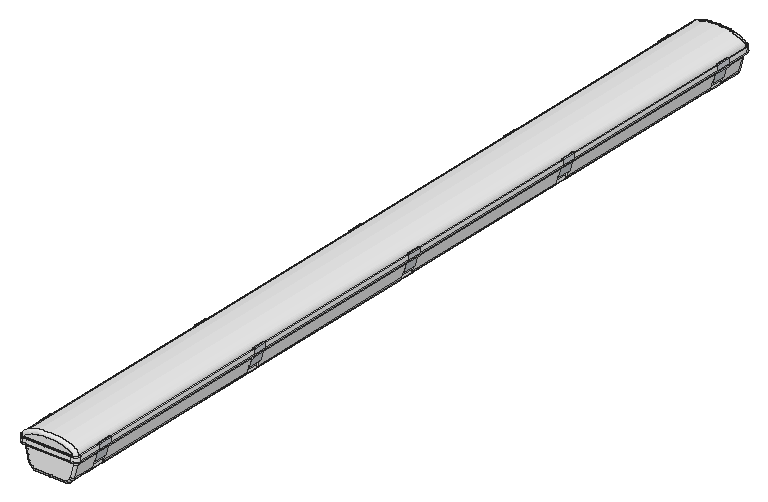
Revit family "0048730", category Lighting Fixtures, host Face, Revit 2017
Family settings
  Host = Face
  Round Connector Dimension = Use Diameter
  Part Type = Normal
  OmniClass Number = 23.80.70.11.14
  OmniClass Title = General Luminaries, Directional
  Cut with Voids When Loaded = No
  Light Source = Yes
  Shared = No
  Room Calculation Point = No
Parameters (values of type "0048730 SYLPRF SUP LED G3 1500MM T 4K E3 SSH01 Emergency mode")
  Width = 110 mm
  Weight = "2.6 kg"
  Wattage Comments = "n/a"
  Wattage = 1.48148 W
  WarrantyStartDate [instance] = "n/a"
  WarrantyGuarantorParts = "n/a"
  WarrantyDurationUnit = "n/a"
  WarrantyDurationParts = "n/a"
  WarrantyDescription = "n/a"
  built-in parameter 1150110 = 1 (stored number, unit not read)
  Voltage = 230 V
  URL = "http://www.sylvania-lighting.com"
  TypeName = "SYLPRF SUP LED G3 1500MM T 4K E3 SSH01"
  Type Image = <None>
  Type Comments = "n/a"
  built-in parameter 1114217 = 1 (stored number, unit not read)
  Tilt Angle = -90.00°
  built-in parameter 1150109 = 1 (stored number, unit not read)
  built-in parameter 1150134 = 12
  built-in parameter 1150113 = 1 (stored number, unit not read)
  SerialNumber [instance] = "n/a"
  ReflectorMaterial = none
  PowerFactor = 0
  PowerConsumption = "1.48 W"
  Photometric Web File = "0048730EM.ies"
  NominalWidth = 0 mm
  NominalLength = 1578 mm
  NominalHeight = 78 mm
  Name = "SYLPRF SUP LED G3 1500MM T 4K E3 SSH01"
  ModelReference = "SYLPRF SUP LED G3 1500MM T 4K E3 SSH01"
  ModelNumber = "0048730"
  Model = "SYLPRF SUP LED G3 1500MM T 4K E3 SSH01"
  Material = "polycarbonate housing, polycarbonate diffuser"
  ManufacturerName = "Feilo Sylvania"
  Manufacturer = "Feilo Sylvania"
  LuminousEfficacy = "135 lm/W"
  built-in parameter 1150105 = 15.915 (stored number, unit not read)
  Lumens = 200 lm
  LuminaireType = ""
  built-in parameter 1150115 = 1 (stored number, unit not read)
  LightOutputRatio = "n/a"
  built-in parameter 1150137 = (empty or 0)
  built-in parameter 1150139 = (empty or 0)
  Length = 1572 mm
  LampsType = Lamp  # "LED"
  LampNominalLuminous = "200 lm"
  LampMacAdamStep = "3"
  LampColourTemperature = "4000 K"
  LampColourRenderingIndex = "80"
  built-in parameter 1150112 = 1 (stored number, unit not read)
  built-in parameter 1150114 = 1 (stored number, unit not read)
  Lamp = "LED"
  Keynote = "16500"
  InstallationDate [instance] = "n/a"
  InputVoltage = "220-240V~"
  InputNominalFrequency = "50/60 Hz"
  built-in parameter 1150132 = (empty or 0)
  built-in parameter 1150102 = (empty or 0)
  built-in parameter 1150107 = 4000 (stored number, unit not read)
  built-in parameter 1150138 = (empty or 0)
  IngressProtection = "IP65"
  ImpactProtectionIndex = "IK08"
  built-in parameter 1150106 = 0.15915 (stored number, unit not read)
  IfcExportType = "IfcLightFixtureType"
  IfcExportAs = "IfcLightFixtureType"
  ExpectedLife = 50000
  Emit from Rectangle Width = Width - 20 mm  # 90 mm
  Emit from Rectangle Length = Length - 20 mm  # 1552 mm
  Emit Shape Visible in Rendering = no
  ElectricShockClassification = "Class I"
  built-in parameter 1150104 = 12.542 (stored number, unit not read)
  DurationUnit = "hours"
  DocumentationLiterature = "http://www.sylvania-lighting.com/product/en-int/products/0048730"
  DimmingControlOptions = "Non dimmable"
  Dimming Lamp Color Temperature Shift = <None>
  DiffuserMaterial = Diffuser-Sylvania-Transparent
  Description = "Sylproof Superia, integrated LED weatherproof luminaire, with UV stabilized flat diffuser and linear prisms designed to achieve uniform lit appearance, optimise light output and to reduce glare, stainless steel diffuser clips and fixing brackets for surface and wall mounting. L 1578 mm x W 110 mm x H 78 mm size, Polycarbonate housing, Polycarbonate diffuser, Non dimmable,   3 hour emergency, 4000K, CRI80,  6700 lm, 49 W, 135 lm/W, nominal average life (h):50000, energy class: A++ A+ A Class I,IK08, IP65."
  Default Elevation = 1219.2 mm
  CreatedOn = "3/27/2018"
  CreatedBy = "aron.fodor@feilosylvania.com"
  Cost = 0
  Color Filter = 16777215
  built-in parameter 1114216 [instance] = (empty or 0)
  ClassificationValue = "EF_70_80"
  ClassificationName = "Uniclass2015"
  BodyMaterial = Body-Sylvania-Gray
  BarCode [instance] = "n/a"
  built-in parameter 1114218 = 1 (stored number, unit not read)
  built-in parameter 1150133 = 10 (stored number, unit not read)
  AssetType = "Fixed"
  AssetIdentifier [instance] = "n/a"
  Assembly Code = "D5020200"
  Apparent Load = 1.48148 VA
  AccessoryMaterial = Diffuser-Sylvania-Glow
Types (2, lengths in mm): name | Wattage | PowerConsumption | Photometric Web File | LuminousEfficacy | built-in parameter 1150105 | Lumens | LampNominalLuminous | built-in parameter 1150106 | built-in parameter 1150104 | Apparent Load
  0048730 SYLPRF SUP LED G3 1500MM T 4K E3 SSH01 Emergency mode | 1.48148 W | "1.48 W" | "0048730EM.ies" | "135 lm/W" | 15.915 (stored number, unit not read) | 200 lm | "200 lm" | 0.15915 (stored number, unit not read) | 12.542 (stored number, unit not read) | 1.48148 VA
  0048730 SYLPRF SUP LED G3 1500MM T 4K E3 SSH01 | 51 W | "51 W" | "0048730.ies" | "133.33 lm/W" | 541.13 (stored number, unit not read) | 6800 lm | "6800 lm" | 5.4113 (stored number, unit not read) | 12.387 (stored number, unit not read) | 51 VA
Reference planes
  plane 1 "Center (Front/Back)": y = 0
  plane 2: z = 0
  plane 3 "Center (Left/Right)": x = 0
  plane 4: z = 54
  plane 5: x = -27.7
  plane 6: x = -34.8
  plane 7: x = -39.6
  plane 8: x = -42.2
  plane 9: z = 3
  plane 10: z = 7.8
  plane 11: z = 12.3
  plane 12: z = 36.6
  plane 13: z = 42.8
  plane 14: x = -51.1
  plane 15: z = 46.2
  plane 16: x = -55
  plane 17: y = 786
  plane 18: y = -786
  plane 19: x = 27.7
  plane 20: x = 34.8
  plane 21: x = 39.6
  plane 22: x = 42.2
  plane 23: x = 51.1
  plane 24: x = 55
  plane 25: y = 778.4
  plane 26: y = -778.4
  plane 27: y = -774.7
  plane 28: y = 774.7
  plane 29: z = 74
  plane 30: x = -51.5
  plane 31: x = 51.5
  plane 32: z = 55.2
  plane 33: y = -782.5
  plane 34: y = 782.5
  plane 35: x = -37.5
  plane 36: x = 37.5
  plane 37: x = -48.7
  plane 38: x = 48.7
  plane 39: x = 18
  plane 40: x = -18
  plane 41: z = 50.2
  plane 42: z = 24.6
  plane 43: y = 720
  plane 44: y = 706
  plane 45: y = 734
  plane 46: y = -720
  plane 47: y = 720
  plane 48: y = 706
  plane 49: y = 734
  plane 50: y = -720
  plane 51: y = -734
  plane 52: y = -706
  plane 53: y = 360
  plane 54: y = 346
  plane 55: y = 374
  plane 56: y = 0
  plane 57: y = -14
  plane 58: y = 14
  plane 59: y = -360
  plane 60: y = -374
  plane 61: y = -346
Forms (mm)
  Sweep 1, solid, material "Body-Sylvania-Gray" <- "BodyMaterial", detail levels medium+fine
    path origin (1223.4, -4572, 54) x (0, -1, 0) y (1, 0, 0)
      loop
        arc (-3796, -1278.4) -> (-3788.929, -1275.471) -> (-3786, -1268.4) r 10
        line (-3786, -1268.4) -> (-3786, -1178.4)
        arc (-3786, -1178.4) -> (-3788.929, -1171.329) -> (-3796, -1168.4) r 10
        line (-3796, -1168.4) -> (-5348, -1168.4)
        arc (-5348, -1168.4) -> (-5355.071, -1171.329) -> (-5358, -1178.4) r 10
        line (-5358, -1178.4) -> (-5358, -1268.4)
        arc (-5358, -1268.4) -> (-5355.071, -1275.471) -> (-5348, -1278.4) r 10
        line (-5348, -1278.4) -> (-3796, -1278.4)
    profile origin (-55, 0, 54) x (-1, 0, 0) y (0, 0, 1)
      loop
        line (0, 0) -> (-1, 0) -> (-1, -7.726)
        arc (-1, -7.726) -> (-1.994, -9.498) -> (-3.9, -10.2) r 2.937
        line (-3.9, -10.2) -> (-8.571, -10.2) -> (-8.571, -11.2) -> (-3.9, -11.2)
        arc (-3.9, -11.2) -> (-1.313, -10.231) -> (0, -7.8) r 3.937
        line (0, -7.8) -> (0, 0)
  Sweep 2, solid, material "Body-Sylvania-Gray" <- "BodyMaterial", detail levels medium+fine
    path origin (0, 0, 0) x (1, 0, 0) y (0, 0, 1)
      loop
        line (48.7, 42.8) -> (48.7, 36.6) -> (42.203, 12.31)
        arc (42.203, 12.31) -> (41.199, 9.884) -> (39.6, 7.8) r 10.052
        line (39.6, 7.8) -> (34.8, 3)
        arc (34.8, 3) -> (31.554, 0.781) -> (27.7, 0) r 9.902
        line (27.7, 0) -> (0, 0) -> (-27.7, 0)
        arc (-27.7, 0) -> (-31.554, 0.781) -> (-34.8, 3) r 9.902
        line (-34.8, 3) -> (-39.6, 7.8)
        arc (-39.6, 7.8) -> (-41.199, 9.884) -> (-42.203, 12.31) r 10.052
        line (-42.203, 12.31) -> (-48.7, 36.6) -> (-48.7, 42.8)
    profile origin (0, 0, 0) x (0, 0, -1) y (0, -1, 0)
      loop
        arc (0, 773.4) -> (-1.464, 776.936) -> (-5, 778.4) r 5
        line (-5, 778.4) -> (-7.8, 778.4) -> (-7.8, -778.4) -> (-5, -778.4)
        arc (-5, -778.4) -> (-1.464, -776.936) -> (0, -773.4) r 5
        line (0, -773.4) -> (0, 773.4)
  Extrusion 3, solid, material "Body-Sylvania-Gray" <- "BodyMaterial", detail levels medium+fine
    sketch origin (1524, 778.4, 1219.2) x (1, 0, 0) y (0, 0, 1)
      loop
        arc (-1558.668, -1204.874) -> (-1558.443, -1205.418) -> (-1558.085, -1205.885) r 2.252
        line (-1558.085, -1205.885) -> (-1553.231, -1210.738)
        arc (-1553.231, -1210.738) -> (-1552.534, -1211.227) -> (-1551.7, -1211.4) r 2.102
        line (-1551.7, -1211.4) -> (-1496.3, -1211.4)
        arc (-1496.3, -1211.4) -> (-1495.466, -1211.227) -> (-1494.769, -1210.738) r 2.102
        line (-1494.769, -1210.738) -> (-1489.915, -1205.885)
        arc (-1489.915, -1205.885) -> (-1489.557, -1205.418) -> (-1489.332, -1204.874) r 2.252
        line (-1489.332, -1204.874) -> (-1483.1, -1181.575) -> (-1483.1, -1176.4) -> (-1564.9, -1176.4) -> (-1564.9, -1181.575) -> (-1558.668, -1204.874)
    from 0 to 1556.8
  Sweep 4, solid, material "Diffuser-Sylvania-Transparent" <- "DiffuserMaterial", detail levels medium+fine
    path origin (0, 0, 0) x (1, 0, 0) y (0, 0, 1)
      loop
        spline (-51.5, 55.2) -> (-49.745, 60.066) -> (-44.6, 64.6) -> (-36.416, 68.494) -> (-25.75, 71.481) -> (-13.329, 73.359) -> (0, 74) -> (13.329, 73.359) -> (25.75, 71.481) -> (36.416, 68.494) -> (44.6, 64.6) -> (49.745, 60.066) -> (51.5, 55.2)
    profile origin (51.5, 0, 55.2) x (0, -1, 0) y (1, 0, 0)
      loop
        arc (782.5, -5.5) -> (780.889, -1.611) -> (777, 0) r 5.5
        line (777, 0) -> (-777, 0)
        arc (-777, 0) -> (-780.889, -1.611) -> (-782.5, -5.5) r 5.5
        line (-782.5, -5.5) -> (-782.5, -6.3) -> (-781.5, -6.3) -> (-781.5, -5.5)
        arc (-781.5, -5.5) -> (-780.182, -2.318) -> (-777, -1) r 4.5
        line (-777, -1) -> (777, -1)
        arc (777, -1) -> (780.182, -2.318) -> (781.5, -5.5) r 4.5
        line (781.5, -5.5) -> (781.5, -6.347) -> (782.5, -6.347) -> (782.5, -5.5)
  Extrusion 5, solid, material "Diffuser-Sylvania-Transparent" <- "DiffuserMaterial", detail levels medium+fine
    sketch origin (1524, -782.5, 1219.2) x (1, 0, 0) y (0, 0, 1)
      loop
        line (-1569.653, -1164) -> (-1478.347, -1164)
        spline (-1478.347, -1164) -> (-1478.969, -1162.594) -> (-1482.527, -1159.545) -> (-1489.588, -1156.201) -> (-1499.458, -1153.445) -> (-1511.242, -1151.663) -> (-1524, -1151.049) -> (-1536.758, -1151.663) -> (-1548.542, -1153.445) -> (-1558.412, -1156.201) -> (-1565.473, -1159.545) -> (-1569.031, -1162.594) -> (-1569.653, -1164)
    from 0 to -1
  Extrusion 6, solid, material "Diffuser-Sylvania-Transparent" <- "DiffuserMaterial", detail levels medium+fine
    sketch origin (1524, 782.5, 1219.2) x (1, 0, 0) y (0, 0, 1)
      loop
        spline (-1478.3, -1164) -> (-1478.931, -1162.565) -> (-1482.502, -1159.505) -> (-1489.572, -1156.155) -> (-1499.446, -1153.394) -> (-1511.236, -1151.614) -> (-1524, -1151.007) -> (-1536.764, -1151.614) -> (-1548.554, -1153.394) -> (-1558.428, -1156.155) -> (-1565.498, -1159.505) -> (-1569.069, -1162.565) -> (-1569.7, -1164)
        line (-1569.7, -1164) -> (-1478.3, -1164)
    from 0 to 1
  Extrusion 7, solid, material "Diffuser-Sylvania-Transparent" <- "DiffuserMaterial", detail levels medium+fine
    sketch origin (1223.4, -4572, 55.2) x (0, -1, 0) y (-1, 0, 0)
      loop
        arc (-5353.5, 1177.4) -> (-5352.182, 1174.218) -> (-5349, 1172.9) r 4.5
        line (-5349, 1172.9) -> (-3795, 1172.9)
        arc (-3795, 1172.9) -> (-3791.818, 1174.218) -> (-3790.5, 1177.4) r 4.5
        line (-3790.5, 1177.4) -> (-3790.5, 1269.4)
        arc (-3790.5, 1269.4) -> (-3791.818, 1272.582) -> (-3795, 1273.9) r 4.5
        line (-3795, 1273.9) -> (-5349, 1273.9)
        arc (-5349, 1273.9) -> (-5352.182, 1272.582) -> (-5353.5, 1269.4) r 4.5
        line (-5353.5, 1269.4) -> (-5353.5, 1177.4)
      loop
        line (-5358, 1268.4) -> (-5358, 1178.4)
        arc (-5358, 1178.4) -> (-5355.071, 1171.329) -> (-5348, 1168.4) r 10
        line (-5348, 1168.4) -> (-3796, 1168.4)
        arc (-3796, 1168.4) -> (-3788.929, 1171.329) -> (-3786, 1178.4) r 10
        line (-3786, 1178.4) -> (-3786, 1268.4)
        arc (-3786, 1268.4) -> (-3788.929, 1275.471) -> (-3796, 1278.4) r 10
        line (-3796, 1278.4) -> (-5348, 1278.4)
        arc (-5348, 1278.4) -> (-5355.071, 1275.471) -> (-5358, 1268.4) r 10
    from 0 to 1.2
  Extrusion 8, solid, material "Diffuser-Sylvania-Glow" <- "AccessoryMaterial", detail levels fine
    sketch origin (0, 0, 0) x (1, 0, 0) y (0, 0, 1)
      loop
        circle (-18, 50.2) r 8
      loop
        circle (18, 50.2) r 8
    from -774.7 to 774.7
  Extrusion 9, void
    sketch origin (0, 720, 2343.807) x (0, 0, -1) y (-1, 0, 0)
      loop
        line (2340.807, -37.5) -> (2331.507, -37.5) -> (2319.207, -42.2) -> (2319.207, -48.7) -> (2340.807, -48.7) -> (2340.807, -37.5)
      loop
        line (2340.807, 37.5) -> (2340.807, 48.7) -> (2319.207, 48.7) -> (2319.207, 42.2) -> (2331.507, 37.5) -> (2340.807, 37.5)
    from -14 to 14
  Extrusion 10, solid, material "Body-Sylvania-Gray" <- "BodyMaterial", detail levels coarse
    sketch origin (0, 0, 0) x (1, 0, 0) y (0, 0, 1)
      loop
        line (55, 42.8) -> (55, 55.2) -> (-55, 55.2) -> (-55, 42.791) -> (-42.2, 0) -> (42.2, 0) -> (55, 42.8)
    from -786 to 786
  Extrusion 11, solid, material "Diffuser-Sylvania-Transparent" <- "DiffuserMaterial", detail levels coarse
    sketch origin (0, 0, 0) x (1, 0, 0) y (0, 0, 1)
      loop
        arc (51.5, 55.2) -> (0, 74) -> (-51.5, 55.2) r 79.939
        line (-51.5, 55.2) -> (51.5, 55.2)
    from 778.4 to -778.4
  Extrusion 12, void, not visible
    sketch origin (0, 720, 2343.807) x (0, 0, -1) y (-1, 0, 0)
      loop
        line (2340.807, -37.5) -> (2331.507, -37.5) -> (2319.207, -42.2) -> (2319.207, -48.7) -> (2340.807, -48.7) -> (2340.807, -37.5)
      loop
        line (2340.807, 37.5) -> (2340.807, 48.7) -> (2319.207, 48.7) -> (2319.207, 42.2) -> (2331.507, 37.5) -> (2340.807, 37.5)
    from -14 to 14
  Extrusion 13, void
    sketch origin (0, -720, 2343.807) x (0, 0, -1) y (-1, 0, 0)
      loop
        line (2340.807, -37.5) -> (2331.507, -37.5) -> (2319.207, -42.2) -> (2319.207, -48.7) -> (2340.807, -48.7) -> (2340.807, -37.5)
      loop
        line (2340.807, 37.5) -> (2340.807, 48.7) -> (2319.207, 48.7) -> (2319.207, 42.2) -> (2331.507, 37.5) -> (2340.807, 37.5)
    from -14 to 14
  Extrusion 14, void
    sketch origin (0, 360, 2343.807) x (0, 0, -1) y (-1, 0, 0)
      loop
        line (2340.807, -37.5) -> (2331.507, -37.5) -> (2319.207, -42.2) -> (2319.207, -48.7) -> (2340.807, -48.7) -> (2340.807, -37.5)
      loop
        line (2340.807, 37.5) -> (2340.807, 48.7) -> (2319.207, 48.7) -> (2319.207, 42.2) -> (2331.507, 37.5) -> (2340.807, 37.5)
    from -14 to 14
  Extrusion 15, void
    sketch origin (0, 0, 2343.807) x (0, 0, -1) y (-1, 0, 0)
      loop
        line (2340.807, -37.5) -> (2331.507, -37.5) -> (2319.207, -42.2) -> (2319.207, -48.7) -> (2340.807, -48.7) -> (2340.807, -37.5)
      loop
        line (2340.807, 37.5) -> (2340.807, 48.7) -> (2319.207, 48.7) -> (2319.207, 42.2) -> (2331.507, 37.5) -> (2340.807, 37.5)
    from -14 to 14
  Extrusion 16, void
    sketch origin (0, -360, 2343.807) x (0, 0, -1) y (-1, 0, 0)
      loop
        line (2340.807, -37.5) -> (2331.507, -37.5) -> (2319.207, -42.2) -> (2319.207, -48.7) -> (2340.807, -48.7) -> (2340.807, -37.5)
      loop
        line (2340.807, 37.5) -> (2340.807, 48.7) -> (2319.207, 48.7) -> (2319.207, 42.2) -> (2331.507, 37.5) -> (2340.807, 37.5)
    from -14 to 14
Cuts and joins
  Extrusion 9, Extrusion 13, Extrusion 14, Extrusion 15, Extrusion 16 cuts Sweep 2
  Extrusion 13, Extrusion 14, Extrusion 15, Extrusion 16 cuts Extrusion 3
  joined: Sweep 2, Extrusion 3
  joined: Sweep 4, Extrusion 5, Extrusion 6
Dimensions and locks
  locked: plane 4 to plane 2 at 54
  plane 5 to plane 6 to plane 7 to plane 8 to plane 14 to plane 16 = 7.1 mm locked, 4.8 mm locked, 2.6 mm locked, 8.9 mm, 3.9 mm
  plane 4 to plane 15 to plane 13 to plane 12 to plane 11 to plane 10 to plane 9 = 7.8 mm locked, 3.4 mm, 6.2 mm locked, 24.3 mm locked, 4.5 mm locked, 4.8 mm locked
  equal spacing: plane 18, plane 1 "Center (Front/Back)", plane 17
  "Length": plane 18 to plane 17
  plane 19 to plane 20 to plane 21 to plane 22 to plane 23 to plane 24 = 7.1 mm locked, 4.8 mm locked, 2.6 mm locked, 8.9 mm, 3.9 mm
  equal spacing: plane 24, plane 3 "Center (Left/Right)", plane 16
  "Width": plane 24 to plane 16
  equal spacing: plane 27, plane 1 "Center (Front/Back)", plane 28
  locked: plane 26 to plane 27 at 3.7
  locked: Sweep 1 sketch curve to profile plane at 1
  locked: Sweep 1 sketch curve to plane 13 at 1
  locked: Sweep 1 sketch curve to plane 13 at 3.937  (x2)
  locked: Sweep 1 sketch curve to profile plane at 3.9  (x2)
  locked: plane 29 to plane 4 at 20
  equal spacing: plane 31, plane 3 "Center (Left/Right)", plane 30
  locked: plane 30 to plane 16 at 3.5
  locked: plane 32 to plane 4 at 1.2
  equal spacing: plane 33, plane 1 "Center (Front/Back)", plane 34
  equal spacing: plane 36, plane 3 "Center (Left/Right)", plane 35
  locked: plane 3 "Center (Left/Right)" to plane 35 at 37.5
  locked: plane 34 to plane 17 at 3.5
  equal spacing: plane 38, plane 3 "Center (Left/Right)", plane 37
  locked: plane 37 to plane 16 at 6.3
  equal spacing: plane 25, plane 1 "Center (Front/Back)", plane 26
  locked: plane 17 to plane 25 at 7.6
  locked: Sweep 2 sketch curve to plane 2 at 5  (x2)
  locked: Sweep 2 sketch curve to plane 26 at 5
  locked: plane 25 to Sweep 2 sketch curve at 5
  locked: Sweep 4 sketch curve to plane 31 at 5.5  (x2)
  locked: Sweep 4 sketch curve to plane 34 at 5.5
  plane 33 to Sweep 4 sketch curve = 5.5 mm
  locked: plane 34 to Sweep 4 sketch curve at 1
  locked: Sweep 4 sketch curve to plane 31 at 1
  locked: Sweep 4 sketch curve to Sweep 4 sketch curve at 1
  locked: Sweep 4 sketch curve to plane 31 at 6.347
  locked: Sweep 4 sketch curve to plane 31 at 6.3
  equal spacing: plane 39, plane 3 "Center (Left/Right)", plane 40
  locked: plane 3 "Center (Left/Right)" to plane 40 at 18
  locked: plane 42 to plane 2 at 24.6
  plane 45 to plane 43 to plane 44 = 14 mm locked, 14 mm locked
  locked: plane 17 to plane 43 at 66
  equal spacing: plane 43, plane 1 "Center (Front/Back)", plane 46
  plane 49 to plane 47 to plane 48 = 14 mm locked, 14 mm locked
  plane 52 to plane 50 to plane 51 = 14 mm locked, 14 mm locked  (x2)
  equal spacing: group 1, group 6, group 7, group 8, group 5  (x2)
  equal spacing: group 5, group 8, group 7, group 6, group 1
  plane 55 to plane 53 to plane 54 = 14 mm locked, 14 mm locked  (x2)
  plane 58 to plane 56 to plane 57 = 14 mm locked, 14 mm locked  (x2)
  plane 61 to plane 59 to plane 60 = 14 mm locked, 14 mm locked  (x2)
  plane 43 to plane 53 to plane 1 "Center (Front/Back)" to plane 59 to plane 50 = 360 mm locked, 360 mm locked, 360 mm locked, 360 mm locked
  aligned and locked: plane 2 to host face
  aligned and locked: level to host face
  aligned and locked: plane 16 to Sweep 1 sketch curve
  aligned and locked: Sweep 1 sketch curve to plane 24
  aligned and locked: plane 18 to Sweep 1 sketch curve
  aligned and locked: Sweep 1 sketch curve to plane 13
  aligned and locked: profile plane to Sweep 1 sketch curve
  aligned and locked: plane 3 "Center (Left/Right)" to Sweep 2 sketch curve
  aligned and locked: plane 9 to Sweep 2 sketch curve
  aligned and locked: plane 10 to Sweep 2 sketch curve
  aligned and locked: plane 37 to Sweep 2 sketch curve
  aligned and locked: plane 12 to Sweep 2 sketch curve
  aligned and locked: Sweep 2 sketch curve to level
  aligned and locked: plane 21 to Sweep 2 sketch curve
  aligned and locked: plane 38 to Sweep 2 sketch curve
  aligned and locked: profile plane to Sweep 2 sketch curve
  aligned and locked: plane 25 to Sweep 2 sketch curve
  aligned and locked: Sweep 2 sketch curve to plane 10
  aligned and locked: Extrusion 3 sketch curve to Sweep 2  (x7)
  aligned and locked: Sweep 2 to Extrusion 3 sketch curve
  aligned and locked: Extrusion 3 to plane 25
  aligned and locked: plane 26 to Extrusion 3
  aligned and locked: plane 32 to Sweep 4 sketch curve
  aligned and locked: plane 33 to Sweep 4 sketch curve
  aligned and locked: Sweep 4 to Extrusion 5
  aligned and locked: plane 33 to Extrusion 5
  aligned and locked: Extrusion 5 sketch curve to Sweep 4
  aligned and locked: cut or joined group of Sweep 4, Extrusion 5, Extrusion 6 to Extrusion 6 sketch curve
  aligned and locked: Extrusion 7 sketch curve to cut or joined group of Sweep 4, Extrusion 5, Extrusion 6  (x2)
  aligned and locked: cut or joined group of Sweep 4, Extrusion 5, Extrusion 6 to Extrusion 7 sketch curve  (x2)
  aligned and locked: plane 41 to Extrusion 8 sketch curve  (x2)
  aligned and locked: plane 39 to Extrusion 8 sketch curve
  aligned and locked: plane 27 to Extrusion 8
  aligned and locked: Extrusion 8 to plane 28
  aligned and locked: Extrusion 9 to plane 42
  aligned and locked: plane 9 to Extrusion 9
  aligned and locked: plane 44 to Extrusion 9
  aligned and locked: Extrusion 9 to plane 45
  aligned and locked: Extrusion 7 sketch curve to Sweep 1  (x4)
  aligned and locked: plane 4 to Extrusion 7
  aligned and locked: Extrusion 7 to plane 32
  aligned and locked: nested 2 to plane 43
  aligned and locked: plane 43 to nested 1
  aligned and locked: Extrusion 10 sketch curve to plane 24
  aligned and locked: Extrusion 10 sketch curve to Extrusion 7
  aligned and locked: plane 8 to Extrusion 10 sketch curve
  aligned and locked: plane 22 to Extrusion 10 sketch curve
  aligned and locked: level to Extrusion 10 sketch curve
  aligned and locked: Extrusion 10 to plane 17
  aligned and locked: plane 18 to Extrusion 10
  aligned and locked: cut or joined group of Sweep 4, Extrusion 5, Extrusion 6 to Extrusion 11 sketch curve
  aligned and locked: Extrusion 11 sketch curve to cut or joined group of Sweep 4, Extrusion 5, Extrusion 6  (x2)
  aligned and locked: plane 31 to Extrusion 11 sketch curve
  aligned and locked: plane 30 to Extrusion 11 sketch curve
  aligned and locked: plane 26 to Extrusion 11
  aligned and locked: Extrusion 11 to plane 25
  aligned and locked: imposter light to plane 29
  aligned and locked: plane 3 "Center (Left/Right)" to imposter light
  aligned and locked: plane 1 "Center (Front/Back)" to imposter light
  aligned and locked: plane 51 to Extrusion 13
  aligned and locked: Extrusion 13 to plane 52
  aligned and locked: plane 54 to Extrusion 14
  aligned and locked: Extrusion 14 to plane 55
  aligned and locked: plane 57 to Extrusion 15
  aligned and locked: Extrusion 15 to plane 58
  aligned and locked: plane 60 to Extrusion 16
  aligned and locked: Extrusion 16 to plane 61
  aligned and locked: nested 3 to plane 53
  aligned and locked: plane 53 to nested 10
  aligned and locked: nested 4 to plane 56
  aligned and locked: plane 56 to nested 9
  aligned and locked: nested 5 to plane 59
  aligned and locked: plane 59 to nested 8
  aligned and locked: nested 6 to plane 50
  aligned and locked: plane 50 to nested 7
Automatic sketch dimensions
  host sketch curve to host sketch curve = 2438.4 mm  (x2)
  plane 17 to Sweep 1 sketch curve = 0 mm
  Sweep 1 sketch curve to plane 28 = 1.3 mm
  Sweep 1 sketch curve to plane 7 = 5.4 mm
  plane 27 to Sweep 1 sketch curve = 1.3 mm  (x2)
  Sweep 1 sketch curve to Sweep 1 sketch curve = 4.671 mm
  Sweep 1 sketch curve to plane 4 = 0 mm
  Sweep 2 sketch curve to plane 7 = 0 mm
  Sweep 2 sketch curve to plane 6 = 0 mm
  Sweep 2 sketch curve to plane 5 = 0 mm
  plane 19 to Sweep 2 sketch curve = 0 mm
  Sweep 2 sketch curve to plane 9 = 0 mm
  plane 20 to Sweep 2 sketch curve = 0 mm
  Sweep 2 sketch curve to plane 12 = 0 mm
  Sweep 2 sketch curve to plane 10 = 0 mm
  Sweep 2 sketch curve to plane 13 = 0 mm  (x2)
  Sweep 2 sketch curve to plane 8 = 0.003 mm
  plane 6 to Sweep 2 sketch curve = 2.308 mm
  plane 20 to Sweep 2 sketch curve = 2.308 mm
  Sweep 2 sketch curve to plane 22 = 0.003 mm
  Sweep 2 sketch curve to plane 11 = 0.01 mm  (x2)
  Extrusion 3 sketch curve to plane 5 = 0 mm
  plane 19 to Extrusion 3 sketch curve = 0 mm
  plane 6 to Extrusion 3 sketch curve = 0.132 mm
  plane 6 to Extrusion 3 sketch curve = 0.715 mm
  Extrusion 3 sketch curve to Extrusion 3 sketch curve = 1.592 mm
  Extrusion 3 sketch curve to plane 10 = 0.662 mm  (x2)
  plane 20 to Extrusion 3 sketch curve = 2.308 mm
  plane 20 to Extrusion 3 sketch curve = 0.715 mm
  plane 20 to Extrusion 3 sketch curve = 0.132 mm
  Sweep 4 sketch curve to plane 30 = 0 mm
  Sweep 4 sketch curve to plane 3 "Center (Left/Right)" = 0 mm
  Sweep 4 sketch curve to Sweep 4 sketch curve = 0 mm  (x2)
  plane 37 to Extrusion 5 sketch curve = 3.047 mm
  Extrusion 5 sketch curve to plane 38 = 3.047 mm
  plane 37 to Extrusion 6 sketch curve = 3 mm
  Extrusion 6 sketch curve to plane 38 = 3 mm
  plane 25 to Extrusion 7 sketch curve = 1.4 mm  (x2)
  Extrusion 7 sketch curve to plane 26 = 1.4 mm  (x2)
  Extrusion 8 sketch curve to plane 40 = 0 mm
  Extrusion 9 sketch curve to Extrusion 9 sketch curve = 0 mm
  Extrusion 9 sketch curve to Extrusion 9 sketch curve = 12.3 mm  (x2)
  Extrusion 9 sketch curve to Extrusion 9 sketch curve = 9.3 mm  (x2)
  Extrusion 9 sketch curve to Extrusion 9 sketch curve = 6.5 mm
  Extrusion 9 sketch curve to Extrusion 9 sketch curve = 4.7 mm  (x2)
  Extrusion 9 sketch curve to Extrusion 9 sketch curve = 75 mm
  Extrusion 9 sketch curve to Extrusion 9 sketch curve = 11.2 mm
  Extrusion 10 sketch curve to plane 13 = 0 mm
  plane 13 to Extrusion 10 sketch curve = 0.009 mm
  Extrusion 11 sketch curve to level = 5.939 mm
  Extrusion 10 sketch curve to plane 16 = 0 mm
  Extrusion 12 sketch curve to Extrusion 12 sketch curve = 0 mm
  Extrusion 12 sketch curve to Extrusion 12 sketch curve = 12.3 mm  (x2)
  Extrusion 12 sketch curve to Extrusion 12 sketch curve = 9.3 mm  (x2)
  Extrusion 12 sketch curve to Extrusion 12 sketch curve = 6.5 mm
  Extrusion 12 sketch curve to Extrusion 12 sketch curve = 4.7 mm  (x2)
  Extrusion 12 sketch curve to Extrusion 12 sketch curve = 75 mm
  Extrusion 12 sketch curve to Extrusion 12 sketch curve = 11.2 mm
  Extrusion 13 sketch curve to Extrusion 13 sketch curve = 0 mm
  Extrusion 13 sketch curve to Extrusion 13 sketch curve = 12.3 mm  (x2)
  Extrusion 13 sketch curve to Extrusion 13 sketch curve = 9.3 mm  (x2)
  Extrusion 13 sketch curve to Extrusion 13 sketch curve = 6.5 mm
  Extrusion 13 sketch curve to Extrusion 13 sketch curve = 4.7 mm  (x2)
  Extrusion 13 sketch curve to Extrusion 13 sketch curve = 75 mm
  Extrusion 13 sketch curve to Extrusion 13 sketch curve = 11.2 mm
  Extrusion 14 sketch curve to Extrusion 14 sketch curve = 0 mm
  Extrusion 14 sketch curve to Extrusion 14 sketch curve = 12.3 mm  (x2)
  Extrusion 14 sketch curve to Extrusion 14 sketch curve = 9.3 mm  (x2)
  Extrusion 14 sketch curve to Extrusion 14 sketch curve = 6.5 mm
  Extrusion 14 sketch curve to Extrusion 14 sketch curve = 4.7 mm  (x2)
  Extrusion 14 sketch curve to Extrusion 14 sketch curve = 75 mm
  Extrusion 14 sketch curve to Extrusion 14 sketch curve = 11.2 mm
  Extrusion 15 sketch curve to Extrusion 15 sketch curve = 0 mm
  Extrusion 15 sketch curve to Extrusion 15 sketch curve = 12.3 mm  (x2)
  Extrusion 15 sketch curve to Extrusion 15 sketch curve = 9.3 mm  (x2)
  Extrusion 15 sketch curve to Extrusion 15 sketch curve = 6.5 mm
  Extrusion 15 sketch curve to Extrusion 15 sketch curve = 4.7 mm  (x2)
  Extrusion 15 sketch curve to Extrusion 15 sketch curve = 75 mm
  Extrusion 15 sketch curve to Extrusion 15 sketch curve = 11.2 mm
  Extrusion 16 sketch curve to Extrusion 16 sketch curve = 0 mm
  Extrusion 16 sketch curve to Extrusion 16 sketch curve = 12.3 mm  (x2)
  Extrusion 16 sketch curve to Extrusion 16 sketch curve = 9.3 mm  (x2)
  Extrusion 16 sketch curve to Extrusion 16 sketch curve = 6.5 mm
  Extrusion 16 sketch curve to Extrusion 16 sketch curve = 4.7 mm  (x2)
  Extrusion 16 sketch curve to Extrusion 16 sketch curve = 75 mm
  Extrusion 16 sketch curve to Extrusion 16 sketch curve = 11.2 mm
  radius of Extrusion 8 sketch curve = 8 mm  (x2)
Nested families
  nested 1: "Clip" at (42.2, 720, 24.6), type "Clip", detail levels fine
  nested 2: "Clip" at (-42.2, 720, 24.6) x (-1, 0, 0) z (0, 0, 1), type "Clip", detail levels fine
  nested 3: "Clip" at (-42.2, 360, 24.6) x (-1, 0, 0) z (0, 0, 1), type "Clip", detail levels fine
  nested 4: "Clip" at (-42.2, 0, 24.6) x (-1, 0, 0) z (0, 0, 1), type "Clip", detail levels fine
  nested 5: "Clip" at (-42.2, -360, 24.6) x (-1, 0, 0) z (0, 0, 1), type "Clip", detail levels fine
  nested 6: "Clip" at (-42.2, -720, 24.6) x (-1, 0, 0) z (0, 0, 1), type "Clip", detail levels fine
  nested 7: "Clip" at (42.2, -720, 24.6), type "Clip", detail levels fine
  nested 8: "Clip" at (42.2, -360, 24.6), type "Clip", detail levels fine
  nested 9: "Clip" at (42.2, 0, 24.6), type "Clip", detail levels fine
  nested 10: "Clip" at (42.2, 360, 24.6), type "Clip", detail levels fine
Connectors
  electrical at (0, 0, 0), driven by "Apparent Load"
    settings: index 1, voltage 230 V, apparent load 1.48148 VA, apparent load phase1 0 VA, apparent load phase2 0 VA, apparent load phase3 0 VA, power factor 0, load classification "Lighting", number of poles 1, system type 30, power factor state 1, is connector primary yes, connector utility no, sub classification motor no, connector description ""
Definition of nested family "Clip"
  Parameters (values of type "Clip")
    URL = "http://www.feilosylvania.com"
    Type Comments = "n/a"
    Model = "n/a"
    Manufacturer = "Feilo Sylvania"
    Keynote = "n/a"
    Description = "n/a"
    Default Elevation = 1219.2 mm
    Cost = 0
    BodyMaterial = none
    Assembly Code = "n/a"
  Reference planes
    plane 1 "Center (Front/Back)": y = 0
    plane 2: z = 0
    plane 3 "Center (Left/Right)": x = 0
    plane 4: x = 3.3
    plane 5: x = 6.5
    plane 6: x = 8.9
    plane 7: x = 12.8
    plane 8: z = 12
    plane 9: z = 18.2
    plane 10: z = 21.6
    plane 11: z = 30.6
    plane 12: x = 9.3
    plane 13: z = 19.2
    plane 14: z = 16.2
    plane 15: x = 10.1
    plane 16: y = 12
    plane 17: y = -12
  Forms (mm)
    Extrusion 1, solid
      sketch origin (-0.8, 0, 0) x (1, 0, 0) y (0, 1, 0)
        loop
          line (-1219.2, 1219.2) -> (-1219.2, -1219.2) -> (1219.2, -1219.2) -> (1219.2, 1219.2) -> (-1219.2, 1219.2)
      from 0 to -304.8
    Extrusion 2, solid
      sketch origin (0, 0, 0) x (1, 0, 0) y (0, 0, 1)
        loop
          line (8.9, 16.2) -> (4.58, 0) -> (0, 0) -> (0, -0.8) -> (5.195, -0.8) -> (9.603, 15.731) -> (13.6, 18.806) -> (13.6, 30.6)
          arc (13.6, 30.6) -> (11.45, 32.75) -> (9.3, 30.6) r 2.15
          line (9.3, 30.6) -> (10.1, 30.6)
          arc (10.1, 30.6) -> (11.45, 31.95) -> (12.8, 30.6) r 1.35
          line (12.8, 30.6) -> (12.8, 19.2) -> (8.9, 16.2)
      from -12 to 12
  Lines and regions (mm)
    reference lines
      curve 1: line (3.3, 0, 0) -> (6.5, 0, 12)
      curve 2: arc (8.9, 0, 18.2) -> (11.488, 0, 19.169) -> (12.8, 0, 21.6) r 3.934
  Dimensions and locks
    plane 7 to plane 6 to plane 5 to plane 4 to plane 3 "Center (Left/Right)" = 3.9 mm locked, 2.4 mm locked, 3.2 mm locked, 3.3 mm locked
    plane 11 to plane 10 to plane 9 to plane 8 to plane 2 = 9 mm locked, 3.4 mm locked, 6.2 mm locked, 12 mm locked
    locked: plane 7 to plane 12 at 3.5
    locked: plane 13 to plane 9 at 1
    locked: plane 9 to plane 14 at 2
    locked: plane 15 to plane 12 at 0.8
    locked: plane 2 to Extrusion 2 sketch curve at 0.8
    locked: Extrusion 2 sketch curve to Extrusion 2 sketch curve at 0.8  (x3)
    locked: plane 7 to Extrusion 2 sketch curve at 1.35
    equal spacing: plane 17, plane 1 "Center (Front/Back)", plane 16
    locked: plane 1 "Center (Front/Back)" to plane 16 at 12
    aligned and locked: plane 2 to Extrusion 1
    aligned and locked: level to Extrusion 1
    aligned and locked: plane 4 to curve 1
    aligned and locked: plane 5 to curve 1
    aligned and locked: plane 6 to curve 2
    aligned and locked: plane 10 to curve 2
    aligned and locked: plane 14 to Extrusion 2 sketch curve
    aligned and locked: plane 13 to Extrusion 2 sketch curve
    aligned and locked: plane 7 to Extrusion 2 sketch curve
    aligned and locked: plane 3 "Center (Left/Right)" to Extrusion 2 sketch curve
    aligned and locked: Extrusion 2 sketch curve to level
    aligned and locked: Extrusion 2 sketch curve to plane 11
    aligned and locked: plane 11 to Extrusion 2 sketch curve
    aligned and locked: Extrusion 2 to plane 16
    aligned and locked: plane 17 to Extrusion 2
  Automatic sketch dimensions
    Extrusion 1 sketch curve to Extrusion 1 sketch curve = 2438.4 mm  (x2)
    curve 2 to plane 7 = 0 mm
    curve 1 to level = 0 mm
    curve 1 to plane 8 = 0 mm
    curve 2 to plane 9 = 0 mm
    plane 6 to curve 2 = 0.002 mm
    Extrusion 2 sketch curve to Extrusion 2 sketch curve = 0 mm
    Extrusion 2 sketch curve to plane 6 = 0 mm
    plane 4 to Extrusion 2 sketch curve = 1.28 mm
